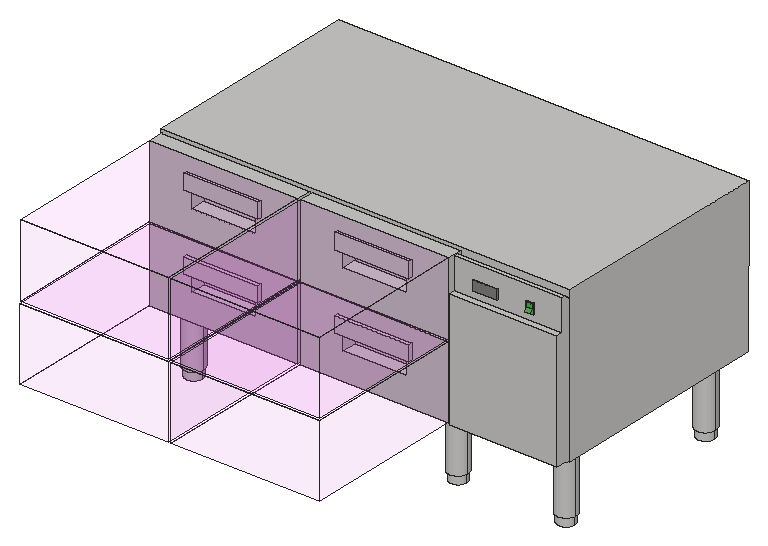
Revit family "QF_ELECTROLUXPROFESSIONAL_371295_E7TTBECOMIN", category Specialty Equipment, Revit 2018 (continued)
Automatic sketch dimensions
  Split face 137 sketch curve to Split face 137 sketch curve = 0.02 mm  (x2)
  Split face 137 sketch curve to Extrusion 4 = 22.519 mm
  Split face 137 sketch curve to Extrusion 4 = 92.797 mm
  Split face 137 sketch curve to Split face 137 sketch curve = 4 mm
  Split face 138 sketch curve to Extrusion 4 = 54.499 mm
  Split face 138 sketch curve to Split face 138 sketch curve = 0.02 mm  (x2)
  Split face 138 sketch curve to Extrusion 4 = 22.519 mm
  Split face 138 sketch curve to Extrusion 4 = 104.797 mm
  Split face 138 sketch curve to Split face 138 sketch curve = 4 mm
  Split face 139 sketch curve to Extrusion 4 = 54.499 mm
  Split face 139 sketch curve to Split face 139 sketch curve = 0.02 mm  (x2)
  Split face 139 sketch curve to Extrusion 4 = 22.519 mm
  Split face 139 sketch curve to Extrusion 4 = 116.797 mm
  Split face 139 sketch curve to Split face 139 sketch curve = 4 mm
  Split face 140 sketch curve to Extrusion 4 = 54.499 mm
  Split face 140 sketch curve to Split face 140 sketch curve = 0.02 mm  (x2)
  Split face 140 sketch curve to Extrusion 4 = 22.519 mm
  Split face 140 sketch curve to Extrusion 4 = 128.797 mm
  Split face 140 sketch curve to Split face 140 sketch curve = 4 mm
  Split face 141 sketch curve to Extrusion 4 = 54.499 mm
  Split face 141 sketch curve to Split face 141 sketch curve = 0.02 mm  (x2)
  Split face 141 sketch curve to Extrusion 4 = 22.519 mm
  Split face 141 sketch curve to Extrusion 4 = 137.003 mm
  Split face 141 sketch curve to Split face 141 sketch curve = 4 mm
  Split face 142 sketch curve to Extrusion 4 = 54.499 mm
  Split face 142 sketch curve to Split face 142 sketch curve = 0.02 mm  (x2)
  Split face 142 sketch curve to Extrusion 4 = 22.519 mm
  Split face 142 sketch curve to Extrusion 4 = 125.004 mm
  Split face 142 sketch curve to Split face 142 sketch curve = 4 mm
  Split face 143 sketch curve to Extrusion 4 = 54.499 mm
  Split face 143 sketch curve to Split face 143 sketch curve = 0.02 mm  (x2)
  Split face 143 sketch curve to Extrusion 4 = 22.519 mm
  Split face 143 sketch curve to Extrusion 4 = 113.003 mm
  Split face 143 sketch curve to Split face 143 sketch curve = 4 mm
  Split face 144 sketch curve to Extrusion 4 = 54.499 mm
  Split face 144 sketch curve to Split face 144 sketch curve = 0.02 mm  (x2)
  Split face 144 sketch curve to Extrusion 4 = 22.519 mm
  Split face 144 sketch curve to Extrusion 4 = 101.003 mm
  Split face 144 sketch curve to Split face 144 sketch curve = 4 mm
  Split face 145 sketch curve to Extrusion 4 = 54.499 mm
  Split face 145 sketch curve to Split face 145 sketch curve = 0.02 mm  (x2)
  Split face 145 sketch curve to Extrusion 4 = 22.519 mm
  Split face 145 sketch curve to Extrusion 4 = 89.003 mm
  Split face 145 sketch curve to Split face 145 sketch curve = 4 mm
  Split face 146 sketch curve to Extrusion 4 = 54.499 mm
  Split face 146 sketch curve to Split face 146 sketch curve = 0.02 mm  (x2)
  Split face 146 sketch curve to Extrusion 4 = 22.519 mm
  Split face 146 sketch curve to Extrusion 4 = 77.004 mm
  Split face 146 sketch curve to Split face 146 sketch curve = 4 mm
  Split face 147 sketch curve to Extrusion 4 = 54.499 mm
  Split face 147 sketch curve to Split face 147 sketch curve = 0.02 mm  (x2)
  Split face 147 sketch curve to Extrusion 4 = 22.519 mm
  Split face 147 sketch curve to Extrusion 4 = 65.003 mm
  Split face 147 sketch curve to Split face 147 sketch curve = 4 mm
  Split face 148 sketch curve to Extrusion 4 = 54.499 mm
  Split face 148 sketch curve to Split face 148 sketch curve = 0.02 mm  (x2)
  Split face 148 sketch curve to Extrusion 4 = 22.519 mm
  Split face 148 sketch curve to Extrusion 4 = 53.004 mm
  Split face 148 sketch curve to Split face 148 sketch curve = 4 mm
  Split face 149 sketch curve to Extrusion 4 = 54.499 mm
  Split face 149 sketch curve to Split face 149 sketch curve = 0.02 mm  (x2)
  Split face 149 sketch curve to Extrusion 4 = 22.519 mm
  Split face 149 sketch curve to Extrusion 4 = 41.004 mm
  Split face 149 sketch curve to Split face 149 sketch curve = 4 mm
  Split face 150 sketch curve to Extrusion 4 = 25.004 mm
  Split face 150 sketch curve to Extrusion 4 = 54.499 mm
  Split face 150 sketch curve to Split face 150 sketch curve = 0.02 mm  (x2)
  Split face 150 sketch curve to Extrusion 4 = 22.519 mm
  Split face 150 sketch curve to Split face 150 sketch curve = 4 mm
  Split face 151 sketch curve to Extrusion 4 = 24.901 mm
  Split face 151 sketch curve to Extrusion 4 = 54.499 mm
  Split face 151 sketch curve to Split face 151 sketch curve = 0.02 mm  (x2)
  Split face 151 sketch curve to Extrusion 4 = 22.519 mm
  Split face 151 sketch curve to Split face 151 sketch curve = 4 mm
  Split face 152 sketch curve to Extrusion 4 = 20.5 mm
  Split face 152 sketch curve to Split face 152 sketch curve = 0.02 mm  (x2)
  Split face 152 sketch curve to Split face 152 sketch curve = 31.959 mm
  Split face 152 sketch curve to Extrusion 4 = 140.797 mm
  Split face 152 sketch curve to Split face 152 sketch curve = 4 mm
  Split face 153 sketch curve to Extrusion 4 = 20.5 mm
  Split face 153 sketch curve to Split face 153 sketch curve = 0.02 mm  (x2)
  Split face 153 sketch curve to Split face 153 sketch curve = 31.959 mm
  Split face 153 sketch curve to Extrusion 4 = 152.797 mm
  Split face 153 sketch curve to Split face 153 sketch curve = 4 mm
  Split face 154 sketch curve to Extrusion 4 = 20.5 mm
  Split face 154 sketch curve to Split face 154 sketch curve = 0.02 mm  (x2)
  Split face 154 sketch curve to Split face 154 sketch curve = 31.959 mm
  Split face 154 sketch curve to Extrusion 4 = 148.203 mm
  Split face 154 sketch curve to Split face 154 sketch curve = 4 mm
  Split face 155 sketch curve to Extrusion 4 = 65.502 mm
  Split face 155 sketch curve to Split face 155 sketch curve = 0.02 mm  (x2)
  Split face 155 sketch curve to Split face 155 sketch curve = 31.959 mm
  Split face 155 sketch curve to Extrusion 4 = 140.797 mm
  Split face 155 sketch curve to Split face 155 sketch curve = 4 mm
  Split face 156 sketch curve to Extrusion 4 = 65.502 mm
  Split face 156 sketch curve to Split face 156 sketch curve = 0.02 mm  (x2)
  Split face 156 sketch curve to Split face 156 sketch curve = 31.959 mm
  Split face 156 sketch curve to Extrusion 4 = 152.797 mm
  Split face 156 sketch curve to Split face 156 sketch curve = 4 mm
  Split face 157 sketch curve to Extrusion 4 = 65.502 mm
  Split face 157 sketch curve to Split face 157 sketch curve = 0.02 mm  (x2)
  Split face 157 sketch curve to Split face 157 sketch curve = 31.959 mm
  Split face 157 sketch curve to Extrusion 4 = 148.203 mm
  Split face 157 sketch curve to Split face 157 sketch curve = 4 mm
  Split face 158 sketch curve to Extrusion 4 = 110.502 mm
  Split face 158 sketch curve to Split face 158 sketch curve = 0.02 mm  (x2)
  Split face 158 sketch curve to Split face 158 sketch curve = 31.959 mm
  Split face 158 sketch curve to Extrusion 4 = 140.797 mm
  Split face 158 sketch curve to Split face 158 sketch curve = 4 mm
  Split face 159 sketch curve to Extrusion 4 = 110.502 mm
  Split face 159 sketch curve to Split face 159 sketch curve = 0.02 mm  (x2)
  Split face 159 sketch curve to Split face 159 sketch curve = 31.959 mm
  Split face 159 sketch curve to Extrusion 4 = 152.797 mm
  Split face 159 sketch curve to Split face 159 sketch curve = 4 mm
  Split face 160 sketch curve to Extrusion 4 = 110.502 mm
  Split face 160 sketch curve to Split face 160 sketch curve = 0.02 mm  (x2)
  Split face 160 sketch curve to Split face 160 sketch curve = 31.959 mm
  Split face 160 sketch curve to Extrusion 4 = 148.203 mm
  Split face 160 sketch curve to Split face 160 sketch curve = 4 mm
  Split face 161 sketch curve to Extrusion 4 = 155.502 mm
  Split face 161 sketch curve to Split face 161 sketch curve = 0.02 mm  (x2)
  Split face 161 sketch curve to Split face 161 sketch curve = 31.959 mm
  Split face 161 sketch curve to Extrusion 4 = 140.797 mm
  Split face 161 sketch curve to Split face 161 sketch curve = 4 mm
  Split face 162 sketch curve to Extrusion 4 = 155.502 mm
  Split face 162 sketch curve to Split face 162 sketch curve = 0.02 mm  (x2)
  Split face 162 sketch curve to Split face 162 sketch curve = 31.959 mm
  Split face 162 sketch curve to Extrusion 4 = 152.797 mm
  Split face 162 sketch curve to Split face 162 sketch curve = 4 mm
  Split face 163 sketch curve to Extrusion 4 = 155.502 mm
  Split face 163 sketch curve to Split face 163 sketch curve = 0.02 mm  (x2)
  Split face 163 sketch curve to Split face 163 sketch curve = 31.959 mm
  Split face 163 sketch curve to Extrusion 4 = 148.203 mm
  Split face 163 sketch curve to Split face 163 sketch curve = 4 mm
  Split face 164 sketch curve to Extrusion 4 = 144.498 mm
  Split face 164 sketch curve to Split face 164 sketch curve = 0.02 mm  (x2)
  Split face 164 sketch curve to Split face 164 sketch curve = 31.959 mm
  Split face 164 sketch curve to Extrusion 4 = 140.797 mm
  Split face 164 sketch curve to Split face 164 sketch curve = 4 mm
  Split face 165 sketch curve to Extrusion 4 = 144.498 mm
  Split face 165 sketch curve to Split face 165 sketch curve = 0.02 mm  (x2)
  Split face 165 sketch curve to Split face 165 sketch curve = 31.959 mm
  Split face 165 sketch curve to Extrusion 4 = 152.797 mm
  Split face 165 sketch curve to Split face 165 sketch curve = 4 mm
  Split face 166 sketch curve to Extrusion 4 = 144.498 mm
  Split face 166 sketch curve to Split face 166 sketch curve = 0.02 mm  (x2)
  Split face 166 sketch curve to Split face 166 sketch curve = 31.959 mm
  Split face 166 sketch curve to Extrusion 4 = 148.203 mm
  Split face 166 sketch curve to Split face 166 sketch curve = 4 mm
  Split face 167 sketch curve to Extrusion 4 = 99.499 mm
  Split face 167 sketch curve to Split face 167 sketch curve = 0.02 mm  (x2)
  Split face 167 sketch curve to Split face 167 sketch curve = 31.959 mm
  Split face 167 sketch curve to Extrusion 4 = 140.797 mm
  Split face 167 sketch curve to Split face 167 sketch curve = 4 mm
  Split face 168 sketch curve to Extrusion 4 = 99.499 mm
  Split face 168 sketch curve to Split face 168 sketch curve = 0.02 mm  (x2)
  Split face 168 sketch curve to Split face 168 sketch curve = 31.959 mm
  Split face 168 sketch curve to Extrusion 4 = 152.797 mm
  Split face 168 sketch curve to Split face 168 sketch curve = 4 mm
  Split face 169 sketch curve to Extrusion 4 = 99.499 mm
  Split face 169 sketch curve to Split face 169 sketch curve = 0.02 mm  (x2)
  Split face 169 sketch curve to Split face 169 sketch curve = 31.959 mm
  Split face 169 sketch curve to Extrusion 4 = 148.203 mm
  Split face 169 sketch curve to Split face 169 sketch curve = 4 mm
  Split face 170 sketch curve to Extrusion 4 = 54.499 mm
  Split face 170 sketch curve to Split face 170 sketch curve = 0.02 mm  (x2)
  Split face 170 sketch curve to Extrusion 4 = 22.519 mm
  Split face 170 sketch curve to Extrusion 4 = 140.797 mm
  Split face 170 sketch curve to Split face 170 sketch curve = 4 mm
  Split face 171 sketch curve to Extrusion 4 = 54.499 mm
  Split face 171 sketch curve to Split face 171 sketch curve = 0.02 mm  (x2)
  Split face 171 sketch curve to Extrusion 4 = 22.519 mm
  Split face 171 sketch curve to Extrusion 4 = 152.797 mm
  Split face 171 sketch curve to Split face 171 sketch curve = 4 mm
  Split face 172 sketch curve to Extrusion 4 = 54.499 mm
  Split face 172 sketch curve to Split face 172 sketch curve = 0.02 mm  (x2)
  Split face 172 sketch curve to Extrusion 4 = 22.519 mm
  Split face 172 sketch curve to Extrusion 4 = 148.203 mm
  Split face 172 sketch curve to Split face 172 sketch curve = 4 mm
  Extrusion 9 sketch curve to Extrusion 2 = 15 mm  (x2)
  Extrusion 2 to Extrusion 9 sketch curve = 31.031 mm
  Extrusion 9 sketch curve to Extrusion 2 = 13.969 mm
  Extrusion 11 sketch curve to Extrusion 10 = 15 mm  (x2)
  Extrusion 10 to Extrusion 11 sketch curve = 31.031 mm
  Extrusion 11 sketch curve to Extrusion 10 = 13.969 mm
  Extrusion 13 sketch curve to plane 23 = 0 mm
  plane 18 to Extrusion 13 sketch curve = 4 mm
  plane 12 to Extrusion 13 sketch curve = 73.7 mm
  plane 4 to Extrusion 13 sketch curve = 88.212 mm
  Extrusion 13 sketch curve to Extrusion 13 sketch curve = 186.601 mm
  Extrusion 13 sketch curve to Extrusion 13 sketch curve = 123.7 mm
  plane 4 to Extrusion 13 sketch curve = 9.006 mm
  Extrusion 13 sketch curve to plane 23 = 55.994 mm
  Extrusion 13 to Extrusion 14 sketch curve = 0 mm
  Extrusion 14 sketch curve to Extrusion 13 = 0 mm  (x3)
  Extrusion 15 sketch curve to Extrusion 13 = 15 mm  (x2)
  Extrusion 13 to Extrusion 15 sketch curve = 31.031 mm
  Extrusion 15 sketch curve to Extrusion 13 = 13.969 mm
  Extrusion 16 sketch curve to plane 23 = 0 mm
  plane 4 to Extrusion 16 sketch curve = 9.006 mm
  Extrusion 16 sketch curve to plane 3 "Centro (Sinistra/Destra)" = 152.999 mm
  Extrusion 16 sketch curve to plane 17 = 4.998 mm
  Extrusion 17 sketch curve to plane 23 = 0 mm
  Extrusion 17 sketch curve to plane 17 = 4.998 mm
  Extrusion 17 sketch curve to plane 14 = 71.698 mm
  Extrusion 17 sketch curve to plane 3 "Centro (Sinistra/Destra)" = 29.299 mm
  plane 4 to Extrusion 17 sketch curve = 9.006 mm
  Extrusion 17 sketch curve to Extrusion 17 sketch curve = 123.7 mm
  plane 4 to Extrusion 17 sketch curve = 88.212 mm
  Extrusion 17 sketch curve to plane 23 = 55.994 mm
  Extrusion 18 sketch curve to Extrusion 17 = 15 mm  (x2)
  Extrusion 17 to Extrusion 18 sketch curve = 31.031 mm
  Extrusion 18 sketch curve to Extrusion 17 = 13.969 mm
  curve 1 to plane 6 "BACK" = 0 mm
  curve 1 to plane 18 = 0 mm
  curve 5 to plane 11 = 0 mm
  curve 3 to plane 19 = 0 mm
  curve 17 to plane 10 = 0 mm
  plane 18 to curve 24 = 4 mm
  plane 18 to curve 15 = 4 mm
  curve 24 to plane 3 "Centro (Sinistra/Destra)" = 160.999 mm
  curve 13 to curve 22 = 0 mm
  curve 9 to curve 14 = 8.5 mm
  curve 24 to curve 25 = 8.5 mm
  curve 23 to plane 17 = 4.498 mm
  curve 16 to plane 17 = 4.498 mm
  curve 9 to plane 7 "FRONT" = 123 mm
  curve 9 to curve 10 = 0 mm
  curve 16 to curve 10 = 40 mm
  curve 15 to curve 9 = 40 mm
  curve 22 to curve 11 = 125 mm
  curve 22 to curve 23 = 0 mm
  curve 26 to curve 22 = 40 mm
  curve 25 to curve 23 = 40 mm
  curve 2 to curve 5 = 24 mm
  curve 11 to curve 18 = 20 mm
  curve 19 to curve 22 = 20 mm
  curve 6 to curve 9 = 20 mm
  curve 12 to curve 20 = 20 mm
  curve 10 to curve 7 = 20 mm
  curve 8 to plane 17 = 24.498 mm
  curve 21 to curve 23 = 20 mm
  radius of Extrusion 12 sketch curve = 6 mm
  radius of Split face 2 sketch curve = 1.2 mm
  radius of Split face 3 sketch curve = 1.2 mm
  radius of Split face 4 sketch curve = 1.2 mm
  radius of Split face 5 sketch curve = 1.2 mm
  radius of Split face 6 sketch curve = 1.2 mm
  radius of Split face 7 sketch curve = 1.2 mm
Nested families
  nested 1: "Foot H200" at (-545, -249, 0), type "Foot H200"
  nested 2: "Foot H200" at (-545, 262, 0), type "Foot H200"
  nested 3: "Foot H200" at (229, -249, 0) x (-1, 0, 0) z (0, 0, 1), type "Foot H200"
  nested 4: "Foot H200" at (229, 262, 0) x (-1, 0, 0) z (0, 0, 1), type "Foot H200"
  nested 5: "Foot H200" at (545, -249, 0) x (-1, 0, 0) z (0, 0, 1), type "Foot H200"
  nested 6: "Foot H200" at (545, 262, 0) x (-1, 0, 0) z (0, 0, 1), type "Foot H200"
  nested 7: "01_Refrigerator" at (350, -150, 0), type "01_Refrigerator"
Connectors
  electrical at (558, 190, 189.987)
    settings: on Extrusion 12, index 1, voltage 0 V, apparent load 0 VA, apparent load phase1 0 VA, apparent load phase2 0 VA, apparent load phase3 0 VA, power factor 1, load classification "Altro", number of poles 1, system type 30, power factor state 1, is connector primary yes, connector utility no, sub classification motor no, connector description "Electrical"
Definition of nested family "Foot H200"
  Reference planes
    plane 1 "Centro (Fronte/Retro)": y = 0
    plane 2: z = 0
    plane 3 "Centro (Sinistra/Destra)": x = 0
    plane 4: z = 200
  Forms (mm)
    Revolve 1, solid
      sketch origin (255.05, 0, 608.09) x (0, 0, 1) y (-1, 0, 0)
        loop
          line (-608.09, 255.05) -> (-608.09, 230.05) -> (-583.09, 230.05) -> (-583.09, 226.05) -> (-408.09, 226.05) -> (-408.09, 255.05) -> (-608.09, 255.05)
        axis (-608.09, 255.05) -> (-408.09, 255.05)
      angle from 0 to 360
  Dimensions and locks
    Revolve 1 sketch curve to Revolve 1 sketch curve = 175 mm
    plane 4 to level = 200 mm
    aligned and locked: level to plane 2
    aligned and locked: plane 4 to Revolve 1 sketch curve
    aligned and locked: Revolve 1 sketch curve to level
    aligned and locked: plane 3 "Centro (Sinistra/Destra)" to Revolve 1 sketch curve
Definition of nested family "01_Refrigerator"
  Reference planes
    plane 1 "Center (Front/Back)": y = 0
    plane 2: z = 0
    plane 3 "Center (Left/Right)": x = 0
  Lines and regions (mm)
    detail lines, in view "Ref. Level"
      curve 1: line (0, -60, 0) -> (0, 60, 0)
      curve 2: line (-51.962, 30, 0) -> (51.962, -30, 0)
      curve 3: line (-51.962, -30, 0) -> (51.962, 30, 0)
      curve 4: line (19.116, 56.873, 0) -> (0, 35, 0)
      curve 5: line (0, 35, 0) -> (-19.116, 56.873, 0)
      curve 6: line (-30.311, 17.5, 0) -> (-40, 45.883, 0)
      curve 7: line (-59.736, 11.7, 0) -> (-30.311, 17.5, 0)
      curve 8: line (-30.311, -17.5, 0) -> (-59.736, -11.7, 0)
      curve 9: line (-40, -45.883, 0) -> (-30.311, -17.5, 0)
      curve 10: line (0, -35, 0) -> (-19.116, -56.873, 0)
      curve 11: line (19.116, -56.873, 0) -> (0, -35, 0)
      curve 12: line (30.311, -17.5, 0) -> (39.696, -44.992, 0)
      curve 13: line (58.812, -11.882, 0) -> (30.311, -17.5, 0)
      curve 14: line (30.311, 17.5, 0) -> (58.812, 11.882, 0)
      curve 15: line (39.696, 44.992, 0) -> (30.311, 17.5, 0)
      curve 16: spline (-200, 0, 0) -> (-193.185, -23.294, 0) -> (-173.205, -45, 0) -> (-141.421, -63.64, 0) -> (-100, -77.942, 0) -> (-51.764, -86.933, 0) -> (0, -90, 0) -> (51.764, -86.933, 0) -> (100, -77.942, 0) -> (141.421, -63.64, 0) -> (173.205, -45, 0) -> (193.185, -23.294, 0) -> (200, 0, 0) -> (193.185, 23.294, 0) -> (173.205, 45, 0) -> (141.421, 63.64, 0) -> (100, 77.942, 0) -> (51.764, 86.933, 0) -> (0, 90, 0) -> (-51.764, 86.933, 0) -> (-100, 77.942, 0) -> (-141.421, 63.64, 0) -> (-173.205, 45, 0) -> (-193.185, 23.294, 0) -> (-200, 0, 0)
Types (2, lengths in mm): name | Volts | URL Manufacturer | URL | Manufacturer | Phase | Model | Item Number | Description | Cycle
  (no name) | 0 V | "" | "" | "" | 0 | "" | "" | "" | 0 Hz
  Standard | 230 V | "http://professional.electrolux.com" | "http://professional.electrolux.com" | "Electrolux Professional" | 1 | "E7TTBECOMIN" | "371295" | "REFRIGERATED BASE WITH 4 DRAWERS 1200MM - R290" | 50 Hz
